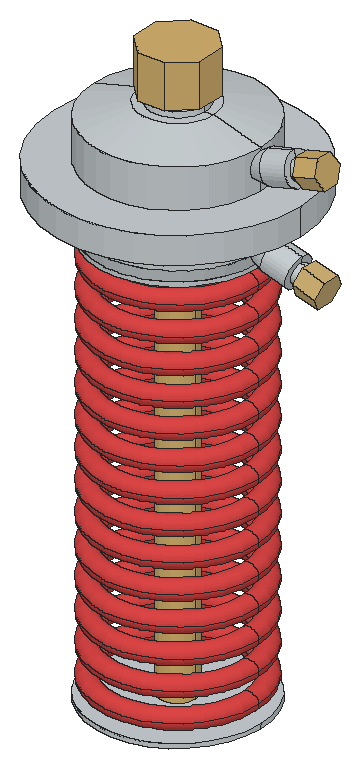
Revit family "AFP(-9)_RFA_1", category Pipe Accessories, Revit 2019
Family settings
  Round Connector Dimension = Use Diameter
  Part Type = Normal
  OmniClass Number = 23.65.55.14.17
  OmniClass Title = Adjusting/Controlling Valves for Liquid Services
  Work Plane-Based = No
  Always vertical = Yes
  Cut with Voids When Loaded = No
  Shared = Yes
Parameters (values of type "AFP-9_80cm2_PN25_dP1-6bar_003G1014")
  W = R6 * 2  # 172 mm
  URL = "https://store.danfoss.com/en/Climate-Solutions-for-heating/Pressure-and-Flow-Controllers/Differential-Pressure-Controllers/c/4118?q=%3Arelevance%3Adanfoss_producttypehierarchydesc%3A2168c7b49b07b0fb92637a1214619d2142c23f40%3Adanfoss_producttypehierarchydesc%3A5d1536807f640247b5ef56b7f5452649365a83fc&text="
  Spring Colour = Danfoss Steel Paint Red (Spring)
  SR = 6.3 mm
  SL = 50 mm
  RR1 = 160 mm
  R8 = 56 mm
  R7 = 25.4 mm
  R6 = 86 mm
  R5 = 12.5 mm
  R4 = 56.25 mm
  R3 = 58 mm
  R2 = 19 mm
  R1 = 19 mm
  Nominal Pressure = "PN 25"
  Model Type = "AFP-9_80cm2_PN25_dP1-6bar"
  Model = "003G1014"
  Manufacturer = "Danfoss"  # constant formula
  LOD 350 [instance] = not(LOD 200)  # yes
  LOD 200 [instance] = no
  L1 = 86.7 mm
  L = R6 * 2  # 172 mm
  IfcExportType = "AFP-9"
  IfcExportAs = "IfcValveType"  # constant formula
  H6 = 4 mm
  H5 = 9 mm
  H4 = 27 mm
  H3 = 8 mm
  H2 = 19 mm
  H1-2 = 9.4 mm
  H1 = 288 mm
  H = 429.8 mm
  For DN = "15-125"
  Differential Pressure Setting Range = "1-6 bar"
  Description = "Spring Actuator"  # constant formula
  Body Material = Danfoss Steel (Zinc Plated)
  Actuator size = 80.0 cm²
  A2L = 89 mm
  A2H = 82 mm
  A2 = 15.00°
  A1L = 70 mm
  A1H = 39 mm
  A1 = 15.00°
Types (5, lengths in mm): name | W | Spring Colour | SR | RR1 | R8 | R7 | R6 | R3 | R2 | Nominal Pressure | Model Type | Model | L1 | L | IfcExportType | H6 | H5 | H4 | H3 | H2 | H1 | H | For DN | Differential Pressure Setting Range | Actuator size | A2L | A2H | A2 | A1L | A1H | A1
  AFP_630cm2_PN16_dP0.05-0.35bar_003G1018 | 380 | Danfoss Steel Paint Yellow (Spring) | 6.25 | 304 | 60 | 42 | 190 | 149.5 | 22 | "PN 16" | "AFP_630cm2_PN16_dP0.05-0.35bar" | "003G1018" | 100 | 380 | "AFP" | 3.2 | 33 | 37.7 | 33 | 37.7 | 300 | 520.6 | "15-250" | "0.05-0.35 bar" | 630.0 cm² | 61 | 205 | 30.00° | 143 | 87 | 30.00°
  AFP_250cm2_PN25_dP0.1-0.7bar_003G1017 | 263.4 | Danfoss Steel Paint Yellow (Spring) | 6.3 | 200 | 63 | 31 | 131.7 | 96.4 | 25.4 | "PN 25" | "AFP_250cm2_PN25_dP0.1-0.7bar" | "003G1017" | 100 | 263.4 | "AFP" | 7 | 20 | 44.3 | 14 | 6.5 | 297 | 470.9 | "15-250" | "0.1-0.7 bar" | 250.0 cm² | 68 | 146 | 30.00° | 103 | 55.5 | 24.90°
  AFP-9_80cm2_PN25_dP0.5-3bar_003G1015 | 172 | Danfoss Steel Paint Yellow (Spring) | 6.3 | 160 | 56 | 25.4 | 86 | 58 | 19 | "PN 25" | "AFP-9_80cm2_PN25_dP0.5-3bar" | "003G1015" | 86.7 | 172 | "AFP-9" | 4 | 9 | 27 | 8 | 19 | 288 | 429.8 | "15-125" | "0.5-3 bar" | 80.0 cm² | 89 | 82 | 15.00° | 70 | 39 | 15.00°
  AFP-9_80cm2_PN25_dP1-6bar_003G1014 | 172 | Danfoss Steel Paint Red (Spring) | 6.3 | 160 | 56 | 25.4 | 86 | 58 | 19 | "PN 25" | "AFP-9_80cm2_PN25_dP1-6bar" | "003G1014" | 86.7 | 172 | "AFP-9" | 4 | 9 | 27 | 8 | 19 | 288 | 429.8 | "15-125" | "1-6 bar" | 80.0 cm² | 89 | 82 | 15.00° | 70 | 39 | 15.00°
  AFP_250cm2_PN25_dP0.15-1.5bar_003G1016 | 263.4 | Danfoss Steel Paint Red (Spring) | 6.3 | 200 | 63 | 31 | 131.7 | 96.4 | 25.4 | "PN 25" | "AFP_250cm2_PN25_dP0.15-1.5bar" | "003G1016" | 100 | 263.4 | "AFP" | 7 | 20 | 44.3 | 14 | 6.5 | 297 | 470.9 | "15-250" | "0.15-1.5 bar" | 250.0 cm² | 68 | 146 | 30.00° | 103 | 55.5 | 24.90°
Reference planes
  plane 1 "Center (Front/Back)": y = 0
  plane 2: z = 0
  plane 3 "Center (Left/Right)": x = 0
  plane 4: z = -429.8
  plane 5: z = -406.8
  plane 6: z = -118.8
  plane 7: z = -30
  plane 8: z = -33
  plane 9: z = -37
  plane 10: z = -46
  plane 11: z = -73
  plane 12: z = -91.8
  plane 13: z = -110.8
  plane 14: z = -409.8
  plane 15: z = -121.8
  plane 16: z = -133.3
  plane 17: z = -395.3
  plane 18: x = 50
  plane 19: x = -36.7
  plane 20: through (-13.142, -1524, 49.048) normal (0.9659, 0, 0.2588)
  plane 21: through (22.362, -1524, 83.457) normal (0.9659, 0, -0.2588)
Forms (mm)
  Extrusion 1, solid, material "Danfoss Brass", visible <- "LOD 350", detail levels fine
    sketch origin (0, 0, 0) x (1, 0, 0) y (0, 1, 0)
      loop
        line (10.392, -18) -> (20.785, 0) -> (10.392, 18) -> (-10.392, 18) -> (-20.785, 0) -> (-10.392, -18) -> (10.392, -18)
    from -409.8 to -429.8
  Extrusion 2, solid, material "Danfoss Steel (Zinc Plated)" <- "Body Material", detail levels fine
    sketch origin (0, 0, 0) x (1, 0, 0) y (0, 1, 0)
      loop
        circle (0, 0) r 58
    from -409.8 to -406.8
  Extrusion 3, solid, material "Danfoss Brass", visible <- "LOD 350", detail levels fine
    sketch origin (0, 0, 0) x (1, 0, 0) y (0, 1, 0)
      loop
        line (9.527, -23) -> (23, -9.527) -> (23, 9.527) -> (9.527, 23) -> (-9.527, 23) -> (-23, 9.527) -> (-23, -9.527) -> (-9.527, -23) -> (9.527, -23)
    from 0 to -30
  Extrusion 4, solid, detail levels fine
    sketch origin (0, 0, 0) x (1, 0, 0) y (0, 1, 0)
      loop
        circle (0, 0) r 16.2
    from -30 to -33
  Blend 5, solid, detail levels fine
    base sketch origin (0, 0, 0) x (1, 0, 0) y (0, 1, 0)
      loop
        circle (0, 0) r 19
    top sketch origin (0, 0, 0) x (1, 0, 0) y (0, 1, 0)
      loop
        circle (0, 0) r 19
    from -37 to -33
  Revolve 6, solid, material "Danfoss Steel (Zinc Plated)" <- "Body Material", detail levels fine
    sketch origin (0, 0, 0) x (1, 0, 0) y (0, 0, 1)
      loop
        line (0, -37) -> (-25.4, -37) -> (-58, -46) -> (-58, -110.8) -> (-56, -118.8) -> (0, -118.8) -> (0, -37)
      axis (0, -37) -> (0, -118.8)
    angle from 0 to 360
  Extrusion 7, solid, material "Danfoss Steel (Zinc Plated)" <- "Body Material", detail levels fine
    sketch origin (0, 0, 0) x (1, 0, 0) y (0, 1, 0)
      loop
        circle (0, 0) r 56
    from -118.8 to -121.8
  Extrusion 8, solid, material "Danfoss Steel Paint Red (Spring)" <- "Spring Colour", visible <- "LOD 200", detail levels fine
    sketch origin (0, 0, 0) x (1, 0, 0) y (0, 1, 0)
      loop
        circle (0, 0) r 56.25
    from -406.8 to -121.8
  Revolve 9, solid, material "Danfoss Steel Paint Red (Spring)" <- "Spring Colour", visible <- "LOD 350", detail levels fine
    sketch origin (0, 0, 0) x (1, 0, 0) y (0, 0, 1)
      loop
        circle (50, -133.3) r 6.3
      loop
        circle (50, -153.454) r 6.3
      loop
        circle (50, -173.608) r 6.3
      loop
        circle (50, -193.762) r 6.3
      loop
        circle (50, -213.915) r 6.3
      loop
        circle (50, -234.069) r 6.3
      loop
        circle (50, -254.223) r 6.3
      loop
        circle (50, -274.377) r 6.3
      loop
        circle (50, -294.531) r 6.3
      loop
        circle (50, -314.685) r 6.3
      loop
        circle (50, -334.838) r 6.3
      loop
        circle (50, -354.992) r 6.3
      loop
        circle (50, -375.146) r 6.3
      loop
        circle (50, -395.3) r 6.3
      axis (0, -133.3) -> (0, -395.3)
    angle from 0 to 360
  Extrusion 10, solid, material "Danfoss Brass", detail levels fine
    sketch origin (0, 0, 0) x (1, 0, 0) y (0, 1, 0)
      loop
        circle (0, 0) r 12.5
    from -121.8 to -406.8
  Extrusion 11, solid, material "Danfoss Steel (Zinc Plated)" <- "Body Material", detail levels fine
    sketch origin (0, 0, 0) x (1, 0, 0) y (0, 1, 0)
      loop
        circle (0, 0) r 86
    from -73 to -91.8
  Extrusion 12, solid, material "Danfoss Brass", visible <- "LOD 200", detail levels fine
    sketch origin (0, 0, 0) x (1, 0, 0) y (0, 1, 0)
      loop
        circle (0, 0) r 24.895
    from 0 to -30
  Extrusion 13, solid, material "Danfoss Brass", visible <- "LOD 200", detail levels fine
    sketch origin (0, 0, 0) x (1, 0, 0) y (0, 1, 0)
      loop
        circle (0, 0) r 20.785
    from -409.8 to -429.8
Cuts and joins
  joined: Revolve 6, Extrusion 11
Lines and regions (mm)
  reference lines
    curve 1: line (0, 0, 0) -> (77.274, 0, 20.706)
    curve 2: line (0, 0, 0) -> (77.274, 0, -20.706)
Dimensions and locks
  locked: plane 5 to plane 4 at 23
  "H": plane 2 to plane 4
  "H1": plane 6 to plane 5
  locked: level to plane 7 at 30
  locked: plane 2 to plane 8 at 33
  "H6": plane 8 to plane 9
  "H5": plane 9 to plane 10
  "H4": plane 10 to plane 11
  "H2": plane 12 to plane 13
  locked: plane 5 to plane 14 at 3
  locked: Extrusion 1 sketch curve to Extrusion 1 sketch curve at 36  (x3)
  equal spacing: Extrusion 1 sketch curve, plane 3 "Center (Left/Right)", Extrusion 1 sketch curve  (x2)
  equal spacing: Extrusion 1 sketch curve, plane 1 "Center (Front/Back)", Extrusion 1 sketch curve
  equal spacing: Extrusion 3 sketch curve, plane 1 "Center (Front/Back)", Extrusion 3 sketch curve
  locked: Extrusion 3 sketch curve to Extrusion 3 sketch curve at 46  (x4)
  equal spacing: Extrusion 3 sketch curve, plane 3 "Center (Left/Right)", Extrusion 3 sketch curve  (x3)
  "R3": plane 3 "Center (Left/Right)" to Revolve 6 sketch curve
  locked: plane 6 to plane 15 at 3
  locked: plane 15 to plane 16 at 11.5
  locked: plane 17 to plane 5 at 11.5
  "SL": plane 18 to plane 3 "Center (Left/Right)"
  "H3": plane 13 to plane 6
  equal spacing: Revolve 9 sketch curve, Revolve 9 sketch curve, Revolve 9 sketch curve, Revolve 9 sketch curve, Revolve 9 sketch curve, Revolve 9 sketch curve, Revolve 9 sketch curve, Revolve 9 sketch curve, Revolve 9 sketch curve, Revolve 9 sketch curve, Revolve 9 sketch curve, Revolve 9 sketch curve, Revolve 9 sketch curve, Revolve 9 sketch curve
  "L1": plane 18 to plane 19
  "A1L": nested 1 to curve 1
  curve 2 to curve 2 = 80 mm
  curve 1 to curve 1 = 80 mm
  "A2L": nested 2 to curve 2
  "R7": plane 3 "Center (Left/Right)" to Revolve 6 sketch curve
  "R8": plane 3 "Center (Left/Right)" to Revolve 6 sketch curve
  diameter of Extrusion 2 sketch curve = 116 mm
  radius of Extrusion 4 sketch curve = 16.2 mm
  "R2": radius of Blend 5 sketch curve
  "R1": radius of Blend 5 sketch curve
  diameter of Extrusion 7 sketch curve = 112 mm
  "R4": radius of Extrusion 8 sketch curve
  "SR": radius of Revolve 9 sketch curve  (x14)
  "R5": radius of Extrusion 10 sketch curve
  "R6": radius of Extrusion 11 sketch curve
  radius of Extrusion 12 sketch curve = 24.895 mm
  radius of Extrusion 13 sketch curve = 20.785 mm
  angle Extrusion 1 sketch curve to Extrusion 1 sketch curve = 120.00°  (x3)
  angle Extrusion 3 sketch curve to Extrusion 3 sketch curve = 135.00°  (x4)
  "A1": angle plane 3 "Center (Left/Right)" to plane 20
  locked: curve 1 to plane 20 (angle 90.00°)
  "A2": angle plane 21 to plane 3 "Center (Left/Right)"
  angle curve 2 to plane 21 = 90.00°
  aligned and locked: level to plane 2
  aligned and locked: Extrusion 1 to plane 4
  aligned and locked: plane 14 to Extrusion 1
  aligned and locked: Extrusion 2 to plane 14
  aligned and locked: plane 5 to Extrusion 2
  aligned and locked: Extrusion 3 to plane 7
  aligned and locked: Extrusion 4 to plane 8
  aligned and locked: plane 7 to Extrusion 4
  aligned and locked: Blend 5 to plane 9
  aligned and locked: plane 8 to Blend 5
  aligned and locked: Revolve 6 sketch curve to Blend 5
  aligned and locked: plane 6 to Revolve 6 sketch curve
  aligned and locked: Revolve 6 sketch curve to Revolve 6 sketch curve
  aligned and locked: Extrusion 7 to plane 15
  aligned and locked: plane 6 to Extrusion 7
  aligned and locked: Extrusion 8 to plane 5
  aligned and locked: plane 15 to Extrusion 8
  aligned and locked: Extrusion 10 to plane 5
  aligned and locked: plane 15 to Extrusion 10
  aligned and locked: Extrusion 11 to plane 12
  aligned and locked: plane 11 to Extrusion 11
  aligned and locked: Extrusion 12 to plane 7
  aligned and locked: Extrusion 13 to plane 4
  aligned and locked: plane 14 to Extrusion 13
  aligned and locked: plane 16 to Revolve 9 sketch curve
  aligned and locked: plane 18 to Revolve 9 sketch curve
Automatic sketch dimensions
  plane 1 "Center (Front/Back)" to Extrusion 2 sketch curve = 0 mm
  Extrusion 2 sketch curve to plane 3 "Center (Left/Right)" = 0 mm
  plane 1 "Center (Front/Back)" to Extrusion 4 sketch curve = 0 mm
  Extrusion 4 sketch curve to plane 3 "Center (Left/Right)" = 0 mm
  plane 1 "Center (Front/Back)" to Extrusion 7 sketch curve = 0 mm
  Extrusion 7 sketch curve to plane 3 "Center (Left/Right)" = 0 mm
  plane 1 "Center (Front/Back)" to Extrusion 12 sketch curve = 0 mm
  Extrusion 12 sketch curve to plane 3 "Center (Left/Right)" = 0 mm
  plane 1 "Center (Front/Back)" to Extrusion 13 sketch curve = 0 mm
  Extrusion 13 sketch curve to plane 3 "Center (Left/Right)" = 0 mm
  curve 2 to level = 0 mm
  curve 2 to plane 3 "Center (Left/Right)" = 0 mm
  plane 1 "Center (Front/Back)" to Blend 5 sketch curve = 0 mm  (x2)
  Blend 5 sketch curve to plane 3 "Center (Left/Right)" = 0 mm  (x2)
  Revolve 6 sketch curve to plane 3 "Center (Left/Right)" = 0 mm
  Revolve 6 sketch curve to plane 6 = 0 mm
  Revolve 6 sketch curve to plane 13 = 0 mm
  Revolve 6 sketch curve to plane 10 = 0 mm
  Revolve 6 sketch curve to plane 9 = 0 mm
  plane 1 "Center (Front/Back)" to Extrusion 8 sketch curve = 0 mm
  Extrusion 8 sketch curve to plane 3 "Center (Left/Right)" = 0 mm
  Revolve 9 sketch curve to plane 3 "Center (Left/Right)" = 0 mm
  Revolve 9 sketch curve to plane 18 = 0 mm  (x11)
  plane 18 to Revolve 9 sketch curve = 0 mm  (x2)
  Revolve 9 sketch curve to plane 17 = 0 mm
  Revolve 9 sketch curve to plane 4 = 15.2 mm
  Revolve 9 sketch curve to plane 16 = 46.7 mm
  plane 1 "Center (Front/Back)" to Extrusion 10 sketch curve = 0 mm
  Extrusion 10 sketch curve to plane 3 "Center (Left/Right)" = 0 mm
  plane 1 "Center (Front/Back)" to Extrusion 11 sketch curve = 0 mm
  Extrusion 11 sketch curve to plane 3 "Center (Left/Right)" = 0 mm
Nested families
  nested 1: "Impulse tube fitting" at (55.788, 0, -57.521) x (-0.2588, 0, 0.9659) z (0.9659, 0, 0.2588), built-in parameter 1001364 <- "A1H", type "1", detail levels fine
  nested 2: "Impulse tube fitting" at (56.171, 0, -107.191) x (0.2588, 0, 0.9659) z (0.9659, 0, -0.2588), built-in parameter 1001364 <- "A2H", type "1", detail levels fine
Definition of nested family "Impulse tube fitting"
  Parameters (values of type "1")
    LOD 350 = not(LOD 200)  # yes
    LOD 200 = no
    Default Elevation = 1219.2 mm
  Reference planes
    plane 1 "Center (Front/Back)": y = 0
    plane 2: z = 0
    plane 3 "Center (Left/Right)": x = 0
  Forms (mm)
    Revolve 1, solid, visible <- "LOD 350"
      sketch origin (0, 0, 0) x (1, 0, 0) y (0, 0, 1)
        loop
          line (-6.8, 29) -> (-11, 29) -> (-11, 11.2) -> (-7.999, 0) -> (0, 0) -> (0, 34.5) -> (-6.8, 34.5) -> (-6.8, 29)
        axis (0, 34.5) -> (0, 0)
      angle from 0 to 360
    Extrusion 2, solid, visible <- "LOD 350"
      sketch origin (0, 0, 0) x (1, 0, 0) y (0, 1, 0)
        loop
          line (-9.5, -5.485) -> (0, -10.97) -> (9.5, -5.485) -> (9.5, 5.485) -> (0, 10.97) -> (-9.5, 5.485) -> (-9.5, -5.485)
      from 34.5 to 50.5
    Extrusion 3, solid, visible <- "LOD 200"
      sketch origin (0, 0, 0) x (1, 0, 0) y (0, 1, 0)
        loop
          circle (0, 0) r 11
      from 0 to 50.5
  Dimensions and locks
    locked: Revolve 1 sketch curve to plane 2 at 11.2
    locked: Revolve 1 sketch curve to plane 3 "Center (Left/Right)" at 11
    locked: Revolve 1 sketch curve to plane 2 at 29
    locked: Revolve 1 sketch curve to Revolve 1 sketch curve at 5.5
    locked: plane 3 "Center (Left/Right)" to Revolve 1 sketch curve at 6.8
    equal spacing: Extrusion 2 sketch curve, plane 3 "Center (Left/Right)", Extrusion 2 sketch curve  (x3)
    Extrusion 2 sketch curve to Extrusion 2 sketch curve = 19 mm  (x3)
    radius of Extrusion 3 sketch curve = 11 mm
    locked: Revolve 1 sketch curve to Revolve 1 sketch curve (angle 15.00°)
    angle Extrusion 2 sketch curve to Extrusion 2 sketch curve = 120.00°  (x3)
    aligned and locked: level to plane 2
    aligned and locked: Revolve 1 sketch curve to plane 3 "Center (Left/Right)"
    aligned and locked: Revolve 1 sketch curve to plane 2
    aligned and locked: Extrusion 2 to Revolve 1
    aligned and locked: Extrusion 3 to Extrusion 2
